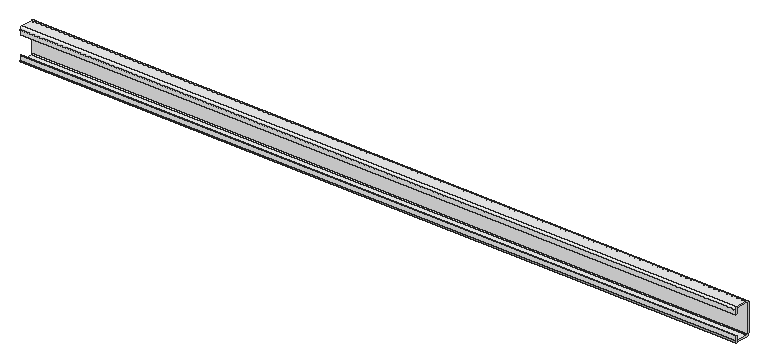
Revit family "Manômetro de luz - Guias da forração com aresta", category Quadro estrutural, Revit 2019
Family settings
  Arredondamento do comprimento do framing estrutural = 1 mm
  Forma do corte = Não definido
  Material para o comportamento do modelo = Aço
  Exportar sempre como geometria = Não
  Sempre na vertical = Sim
  Corte com vazios quando carregada = Não
  Representação simbólica = Das configurações de projeto
  Compartilhado = Não
  Exibir o pré-corte da família na vista da planta = Sim
Parameters (values of type "U50x25x10x1.52")
  t = 1.52 mm
  Structural Material [instance] = Aço leve galvaniado
  R = r + t  # 3.04 mm
  r = t  # 1.52 mm
  ey = 9.2 mm
  d = 10 mm
  W = 0.00129
  B = 25 mm
  Código de montagem = "B10"
  Length [instance] = 1500 mm
  D = 50 mm
  A = 164.00 mm²
Reference planes
  plane 1 "Centro (Frente/Trás)": y = 0
  plane 2: z = 0
  plane 3 "Centro (Esquerda/Direita)": x = 0.008
  plane 4 "Membro esquerdo": x = -556.99
  plane 5 "Membro direito": x = 566.21
  plane 6 "Superior": z = 25
  plane 7: z = -25
  plane 8 "Esquerda": x = -757.39
  plane 9 "Direita": x = 742.61
  plane 10: y = -15.8
  plane 11: z = -15
  plane 12: z = 15
  plane 13: y = 9.2
Forms (mm)
  Sweep 1, solid, material "Aço leve galvaniado" <- "Structural Material", detail levels medium
    path origin (0, 0, 0) x (1, 0, 0) y (0, 1, 0)
      loop
        line (566.21, 0) -> (-556.99, 0)
    profile origin (4.61, 0, 0) x (0, -1, 0) y (0, 0, 1)
      loop
        line (-9.2, 25) -> (-9.2, -25) -> (15.8, -25) -> (15.8, -15) -> (14.28, -15) -> (14.28, -23.48) -> (-7.68, -23.48) -> (-7.68, 23.48) -> (14.28, 23.48) -> (14.28, 15) -> (15.8, 15) -> (15.8, 25) -> (-9.2, 25)
  Sweep 2, solid, material "Aço leve galvaniado" <- "Structural Material", detail levels fine
    path origin (0, 0.016, 0) x (1, 0, 0) y (0, 1, 0)
      loop
        line (566.21, 9.184) -> (-556.99, 9.184)
    profile origin (4.61, 9.2, 0) x (0, -1, 0) y (0, 0, 1)
      loop
        line (0, 21.96) -> (0, -21.96)
        arc (0, -21.96) -> (0.89, -24.11) -> (3.04, -25) r 3.04
        line (3.04, -25) -> (21.96, -25)
        arc (21.96, -25) -> (24.11, -24.11) -> (25, -21.96) r 3.04
        line (25, -21.96) -> (25, -15) -> (23.48, -15) -> (23.48, -21.96)
        arc (23.48, -21.96) -> (23.035, -23.035) -> (21.96, -23.48) r 1.52
        line (21.96, -23.48) -> (3.04, -23.48)
        arc (3.04, -23.48) -> (1.965, -23.035) -> (1.52, -21.96) r 1.52
        line (1.52, -21.96) -> (1.52, 21.96)
        arc (1.52, 21.96) -> (1.965, 23.035) -> (3.04, 23.48) r 1.52
        line (3.04, 23.48) -> (21.96, 23.48)
        arc (21.96, 23.48) -> (23.035, 23.035) -> (23.48, 21.96) r 1.52
        line (23.48, 21.96) -> (23.48, 15) -> (25, 15) -> (25, 21.96)
        arc (25, 21.96) -> (24.11, 24.11) -> (21.96, 25) r 3.04
        line (21.96, 25) -> (3.04, 25)
        arc (3.04, 25) -> (0.89, 24.11) -> (0, 21.96) r 3.04
Lines and regions (mm)
  symbolic lines, style "Faces ocultas", detail levels medium+fine
    curve 1: line (-556.99, 7.68, 0) -> (566.21, 7.68, 0)
    curve 2: line (-556.99, 4.763, 23.48) -> (566.21, 4.763, 23.48)
    curve 3: line (-556.99, 4.763, -23.48) -> (566.21, 4.763, -23.48)
    curve 9: line (-556.99, -14.28, 0) -> (566.21, -14.28, 0)
    curve 10: line (566.21, 0, 15) -> (-556.99, 0, 15)
    curve 11: line (566.21, 0, -15) -> (-556.99, 0, -15)
  symbolic lines, style "Símbolos de vara", detail levels coarse
    curve 4: line (-757.39, -15.8, 15) -> (-757.39, -15.8, 25)
    curve 5: line (-757.39, -15.8, 25) -> (-757.39, 9.2, 25)
    curve 6: line (-757.39, 9.2, 25) -> (-757.39, 9.2, -25)
    curve 7: line (-757.39, 9.2, -25) -> (-757.39, -15.8, -25)
    curve 8: line (-757.39, -15.8, -25) -> (-757.39, -15.8, -15)
Dimensions and locks
  "D": plane 7 to plane 6 "Superior"
  equal spacing: plane 7, plane 2, plane 6 "Superior"
  "Length": plane 8 "Esquerda" to plane 9 "Direita"
  "d": plane 7 to plane 11
  "d": plane 12 to plane 6 "Superior"
  "t": plane 6 "Superior" to Sweep 1 sketch curve
  "t": Sweep 1 sketch curve to plane 10
  "t": plane 7 to Sweep 1 sketch curve
  "t": Sweep 2 sketch curve to Sweep 2 sketch curve  (x5)
  "t": plane 10 to curve 9
  "t": Sweep 1 to curve 3
  "t": curve 2 to Sweep 1
  "t": Sweep 1 sketch curve to Sweep 1 sketch curve
  "ey": plane 13 to plane 1 "Centro (Frente/Trás)"
  "B": plane 13 to plane 10
  "t": plane 13 to Sweep 1 sketch curve
  "t": curve 1 to Sweep 1
  "r": radius of Sweep 2 sketch curve  (x4)
  "R": radius of Sweep 2 sketch curve  (x4)
  aligned and locked: Sweep 1 sketch curve to plane 1 "Centro (Frente/Trás)"
  aligned and locked: Sweep 1 sketch curve to plane 12
  aligned and locked: Sweep 1 sketch curve to plane 10
  aligned and locked: Sweep 1 sketch curve to plane 6 "Superior"
  aligned and locked: plane 7 to Sweep 1 sketch curve
  aligned and locked: plane 10 to Sweep 1 sketch curve  (x3)
  aligned and locked: plane 11 to Sweep 1 sketch curve
  aligned and locked: plane 10 to Sweep 1  (x2)
  aligned and locked: Sweep 1 to plane 6 "Superior"
  aligned and locked: plane 10 to curve 4
  aligned and locked: Sweep 2 sketch curve to Sweep 1
  aligned and locked: Sweep 2 sketch curve to plane 10
  aligned and locked: plane 11 to Sweep 2 sketch curve  (x2)
  aligned and locked: Sweep 2 sketch curve to plane 6 "Superior"
  aligned and locked: plane 10 to Sweep 2 sketch curve  (x2)
  aligned and locked: plane 7 to Sweep 2 sketch curve
  aligned and locked: Sweep 2 to curve 11
  aligned and locked: plane 7 to curve 7
  aligned and locked: curve 5 to plane 6 "Superior"
  aligned and locked: plane 10 to curve 8
  aligned and locked: plane 11 to curve 8
  aligned and locked: plane 12 to curve 4
  aligned and locked: plane 12 to Sweep 2 sketch curve  (x2)
  aligned and locked: curve 10 to plane 12
  aligned and locked: curve 11 to Sweep 2
  aligned and locked: curve 6 to plane 13
  aligned and locked: Sweep 1 sketch curve to plane 13
  aligned and locked: Sweep 2 sketch curve to plane 13
  aligned and locked: plane 4 "Membro esquerdo" to Sweep 1 sketch curve
  aligned and locked: plane 5 "Membro direito" to Sweep 1 sketch curve
  aligned and locked: plane 4 "Membro esquerdo" to Sweep 2 sketch curve
  aligned and locked: plane 5 "Membro direito" to Sweep 2 sketch curve
  aligned and locked: plane 4 "Membro esquerdo" to curve 1
  aligned and locked: plane 4 "Membro esquerdo" to curve 9
  aligned and locked: plane 5 "Membro direito" to curve 1
  aligned and locked: plane 5 "Membro direito" to curve 9
  aligned and locked: plane 5 "Membro direito" to curve 2
  aligned and locked: plane 5 "Membro direito" to curve 3
  aligned and locked: plane 5 "Membro direito" to curve 10
  aligned and locked: plane 5 "Membro direito" to curve 11
  aligned and locked: plane 4 "Membro esquerdo" to curve 2
  aligned and locked: plane 4 "Membro esquerdo" to curve 10
  aligned and locked: plane 4 "Membro esquerdo" to curve 3
Types in the file's own list only (61): name | t | R | r | ey | d | W | B | D | A
  U50x25x101.90 | 2 mm | 4 mm | 2 mm | 9 mm | 10 mm | 0.00157 | 25 mm | 50 mm | 200.00 mm²
  U50x25x102.28 | 2 mm | 5 mm | 2 mm | 9 mm | 10 mm | 0.00183 | 25 mm | 50 mm | 233.00 mm²
  U50x25x102.66 | 3 mm | 5 mm | 3 mm | 9 mm | 10 mm | 0.00207 | 25 mm | 50 mm | 264.00 mm²
  U50x25x103.04 | 3 mm | 6 mm | 3 mm | 9 mm | 10 mm | 0.0023 | 25 mm | 50 mm | 292.00 mm²
  U75x40x15x1.52 | 2 mm | 3 mm | 2 mm | 15 mm | 15 mm | 0.00207 | 40 mm | 75 mm | 263.00 mm²
  U75x40x15x1.90 | 2 mm | 4 mm | 2 mm | 15 mm | 15 mm | 0.00254 | 40 mm | 75 mm | 323.00 mm²
  U75x40x15x2.28 | 2 mm | 5 mm | 2 mm | 15 mm | 15 mm | 0.00299 | 40 mm | 75 mm | 381.00 mm²
  U75x40x15x2.66 | 3 mm | 5 mm | 3 mm | 15 mm | 15 mm | 0.00343 | 40 mm | 75 mm | 437.00 mm²
  U75x40x15x3.04 | 3 mm | 6 mm | 3 mm | 15 mm | 15 mm | 0.00385 | 40 mm | 75 mm | 490.00 mm²
  U100x50x17x1.52 | 2 mm | 3 mm | 2 mm | 18 mm | 17 mm | 0.00265 | 50 mm | 100 mm | 338.00 mm²
  U100x50x17x1.90 | 2 mm | 4 mm | 2 mm | 18 mm | 17 mm | 0.00327 | 50 mm | 100 mm | 416.00 mm²
  U100x50x17x2.28 | 2 mm | 5 mm | 2 mm | 18 mm | 17 mm | 0.00387 | 50 mm | 100 mm | 493.00 mm²
  U100x50x17x2.66 | 3 mm | 5 mm | 3 mm | 18 mm | 17 mm | 0.00445 | 50 mm | 100 mm | 567.00 mm²
  U100x50x17x3.04 | 3 mm | 6 mm | 3 mm | 18 mm | 17 mm | 0.00502 | 50 mm | 100 mm | 639.00 mm²
  U100x50x17x3.42 | 3 mm | 7 mm | 3 mm | 18 mm | 17 mm | 0.00556 | 50 mm | 100 mm | 709.00 mm²
  U100x55x20x3.00 | 3 mm | 6 mm | 3 mm | 27 mm | 20 mm | 0.00533 | 55 mm | 100 mm | 680.00 mm²
  U100x60x25x5.00 | 5 mm | 10 mm | 5 mm | 29 mm | 25 mm | 0.00906 | 60 mm | 100 mm | 1154.00 mm²
  U100x70x15x3.00 | 3 mm | 6 mm | 3 mm | 32 mm | 15 mm | 0.00581 | 70 mm | 100 mm | 740.00 mm²
  U127x50x17x1.52 | 2 mm | 3 mm | 2 mm | 16 mm | 17 mm | 0.00297 | 50 mm | 127 mm | 379.00 mm²
  U127x50x17x1.90 | 2 mm | 4 mm | 2 mm | 16 mm | 17 mm | 0.00367 | 50 mm | 127 mm | 468.00 mm²
  U127x50x17x2.28 | 2 mm | 5 mm | 2 mm | 16 mm | 17 mm | 0.00435 | 50 mm | 127 mm | 554.00 mm²
  U127x50x17x2.66 | 3 mm | 5 mm | 3 mm | 16 mm | 17 mm | 0.00501 | 50 mm | 127 mm | 639.00 mm²
  U127x50x17x3.04 | 3 mm | 6 mm | 3 mm | 16 mm | 17 mm | 0.00566 | 50 mm | 127 mm | 721.00 mm²
  U127x50x17x3.42 | 3 mm | 7 mm | 3 mm | 16 mm | 17 mm | 0.00629 | 50 mm | 127 mm | 801.00 mm²
  U150x40x10x2.00 | 2 mm | 4 mm | 2 mm | 14 mm | 10 mm | 0.00368 | 40 mm | 150 mm | 469.00 mm²
  U150x60x20x1.52 | 2 mm | 3 mm | 2 mm | 19 mm | 20 mm | 0.00356 | 60 mm | 150 mm | 453.00 mm²
  U150x60x20x1.90 | 2 mm | 4 mm | 2 mm | 19 mm | 20 mm | 0.0044 | 60 mm | 150 mm | 561.00 mm²
  U150x60x20x2.28 | 2 mm | 5 mm | 2 mm | 19 mm | 20 mm | 0.00523 | 60 mm | 150 mm | 666.00 mm²
  U150x60x20x2.66 | 3 mm | 5 mm | 3 mm | 19 mm | 20 mm | 0.00604 | 60 mm | 150 mm | 769.00 mm²
  U150x60x20x3.04 | 3 mm | 6 mm | 3 mm | 19 mm | 20 mm | 0.00683 | 60 mm | 150 mm | 870.00 mm²
  U150x60x20x3.42 | 3 mm | 7 mm | 3 mm | 19 mm | 20 mm | 0.0076 | 60 mm | 150 mm | 969.00 mm²
  U150x60x20x3.80 | 4 mm | 8 mm | 4 mm | 19 mm | 20 mm | 0.00836 | 60 mm | 150 mm | 1065.00 mm²
  U150x60x20x4.18 | 4 mm | 8 mm | 4 mm | 19 mm | 20 mm | 0.0091 | 60 mm | 150 mm | 1159.00 mm²
  U150x60x20x4.76 | 5 mm | 10 mm | 5 mm | 19 mm | 20 mm | 0.01019 | 60 mm | 150 mm | 1298.00 mm²
  U180x40x10x2.00 | 2 mm | 4 mm | 2 mm | 13 mm | 10 mm | 0.00415 | 40 mm | 180 mm | 529.00 mm²
  U180x40x15x3.00 | 3 mm | 6 mm | 3 mm | 14 mm | 15 mm | 0.00628 | 40 mm | 180 mm | 800.00 mm²
  U180x40x20x4.00 | 4 mm | 8 mm | 4 mm | 14 mm | 20 mm | 0.00844 | 40 mm | 180 mm | 1075.00 mm²
  U200x75x20x1.90 | 2 mm | 4 mm | 2 mm | 22 mm | 20 mm | 0.0056 | 75 mm | 200 mm | 713.00 mm²
  U200x75x20x2.28 | 2 mm | 5 mm | 2 mm | 22 mm | 20 mm | 0.00666 | 75 mm | 200 mm | 848.00 mm²
  U200x75x25x2.66 | 3 mm | 5 mm | 3 mm | 23 mm | 25 mm | 0.00792 | 75 mm | 200 mm | 1008.00 mm²
  U200x75x25x3.04 | 3 mm | 6 mm | 3 mm | 23 mm | 25 mm | 0.00898 | 75 mm | 200 mm | 1144.00 mm²
  U200x75x25x3.42 | 3 mm | 7 mm | 3 mm | 23 mm | 25 mm | 0.01002 | 75 mm | 200 mm | 1276.00 mm²
  U200x75x25x3.80 | 4 mm | 8 mm | 4 mm | 23 mm | 25 mm | 0.01104 | 75 mm | 200 mm | 1407.00 mm²
  U200x75x25x4.18 | 4 mm | 8 mm | 4 mm | 23 mm | 25 mm | 0.01205 | 75 mm | 200 mm | 1535.00 mm²
  U200x75x25x4.76 | 5 mm | 10 mm | 5 mm | 23 mm | 25 mm | 0.01355 | 75 mm | 200 mm | 1726.00 mm²
  U250x85x25x1.90 | 2 mm | 4 mm | 2 mm | 24 mm | 25 mm | 0.00679 | 85 mm | 250 mm | 865.00 mm²
  U250x85x25x2.28 | 2 mm | 5 mm | 2 mm | 24 mm | 25 mm | 0.00809 | 85 mm | 250 mm | 1031.00 mm²
  U250x85x25x2.66 | 3 mm | 5 mm | 3 mm | 24 mm | 25 mm | 0.00938 | 85 mm | 250 mm | 1195.00 mm²
  U250x85x25x3.04 | 3 mm | 6 mm | 3 mm | 24 mm | 25 mm | 0.01065 | 85 mm | 250 mm | 1356.00 mm²
  U250x85x25x3.42 | 3 mm | 7 mm | 3 mm | 24 mm | 25 mm | 0.0119 | 85 mm | 250 mm | 1516.00 mm²
  U250x85x25x3.80 | 4 mm | 8 mm | 4 mm | 24 mm | 25 mm | 0.01313 | 85 mm | 250 mm | 1673.00 mm²
  U250x85x25x4.18 | 4 mm | 8 mm | 4 mm | 24 mm | 25 mm | 0.01435 | 85 mm | 250 mm | 1827.00 mm²
  U250x85x25x4.76 | 5 mm | 10 mm | 5 mm | 24 mm | 25 mm | 0.01617 | 85 mm | 250 mm | 2059.00 mm²
  U300x85x25x1.90 | 2 mm | 4 mm | 2 mm | 22 mm | 25 mm | 0.00753 | 85 mm | 300 mm | 960.00 mm²
  U300x85x25x2.28 | 2 mm | 5 mm | 2 mm | 22 mm | 25 mm | 0.00899 | 85 mm | 300 mm | 1145.00 mm²
  U300x85x25x2.66 | 3 mm | 5 mm | 3 mm | 22 mm | 25 mm | 0.01042 | 85 mm | 300 mm | 1328.00 mm²
  U300x85x25x3.04 | 3 mm | 6 mm | 3 mm | 22 mm | 25 mm | 0.01184 | 85 mm | 300 mm | 1508.00 mm²
  U300x85x25x3.42 | 3 mm | 7 mm | 3 mm | 22 mm | 25 mm | 0.01324 | 85 mm | 300 mm | 1687.00 mm²
  U300x85x25x3.80 | 4 mm | 8 mm | 4 mm | 22 mm | 25 mm | 0.01462 | 85 mm | 300 mm | 1863.00 mm²
  U300x85x25x4.18 | 4 mm | 8 mm | 4 mm | 22 mm | 25 mm | 0.01599 | 85 mm | 300 mm | 2036.00 mm²
  U300x85x25x4.76 | 5 mm | 10 mm | 5 mm | 22 mm | 25 mm | 0.01803 | 85 mm | 300 mm | 2297.00 mm²
